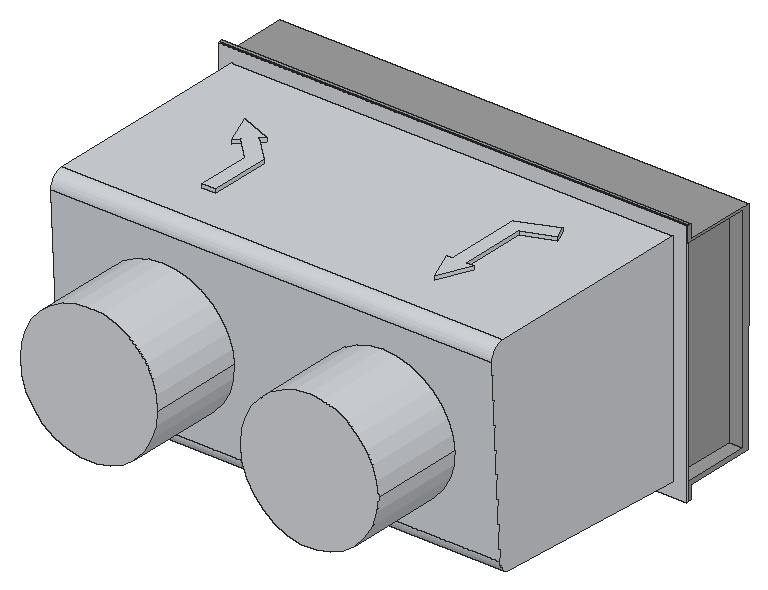
Revit family "DVS-100", category Generic Models, Revit 2019
Family settings
  Can host rebar = No
  Round Connector Dimension = Use Diameter
  Part Type = Normal
  Work Plane-Based = No
  Always vertical = Yes
  Cut with Voids When Loaded = No
  Shared = No
  Room Calculation Point = No
Reference planes (in)
  plane 1 "Center (Front/Back)": y = 0
  plane 2: z = 7.91297
  plane 3 "Center (Left/Right)": x = 0
Forms (in)
  Extrusion 1, solid
    sketch origin (0, 0, 0) x (0, 1, 0) y (0, 0, 1)
      loop
        line (0, 0) -> (0, 8) -> (-7.76688, 8)
        arc (-7.76688, 8) -> (-8.12956, 7.84418) -> (-8.26619, 7.47383) r 0.5
        line (-8.26619, 7.47383) -> (-7.91975, 0.86341)
        arc (-7.91975, 0.86341) -> (-7.77399, 0.53602) -> (-7.44661, 0.39026) r 0.5
        line (-7.44661, 0.39026) -> (0, 0)
    from -8 to 8
  Extrusion 2, solid
    sketch origin (0, 0, 0) x (1, 0, 0) y (0, 0, 1)
      loop
        line (8.5, 8.5) -> (-8.5, 8.5) -> (-8.5, -0.5) -> (8.5, -0.5) -> (8.5, 8.5)
    from 0 to 0.05
  Extrusion 3, solid
    sketch origin (0, 0, 0) x (1, 0, 0) y (0, 0, 1)
      loop
        circle (4, 4) r 2.5
      loop
        circle (-4, 4) r 2.5
    from 0 to 11.54201
  Extrusion 4, void
    sketch origin (0, 0, 0) x (1, 0, 0) y (0, 0, 1)
      loop
        line (-7.63966, 7.66297) -> (-7.63966, 0.41297) -> (-1.25, 0.41297) -> (-1.25, 7.66297) -> (-7.63966, 7.66297)
      loop
        line (1.20621, 0.41297) -> (7.70621, 0.41297) -> (7.70621, 7.66297) -> (1.20621, 7.66297) -> (1.20621, 0.41297)
    from 0 to 1.25
  Extrusion 5, solid
    sketch origin (8.75, 0, 7.91297) x (1, 0, 0) y (0, 1, 0)
      loop
        line (-4.69483, -2.40254) -> (-4.69483, -5.11712) -> (-4.91656, -5.11712) -> (-4.44483, -6.25) -> (-3.91656, -5.11712) -> (-4.19483, -5.11712) -> (-4.19483, -2.73566) -> (-3.13708, -2.29522) -> (-3.32918, -1.83389) -> (-4.69483, -2.40254)
    from -0.59126 to 0.21203
  Extrusion 6, solid
    sketch origin (0, 0, 7.91297) x (1, 0, 0) y (0, 1, 0)
      loop
        line (-5.55657, -2.52385) -> (-5.11482, -3.69319) -> (-4.91804, -3.49641) -> (-4.16533, -4.24911) -> (-4.16533, -6.20657) -> (-3.66533, -6.20657) -> (-3.66533, -4.0204) -> (-4.54922, -3.13651) -> (-4.39769, -2.98498) -> (-5.55657, -2.52385)
    from 0 to 0.21203
  Extrusion 7, solid, material "Default"
    sketch origin (0, 0, 0) x (1, 0, 0) y (0, 0, 1)
      loop
        line (8.5, 0.00262) -> (8.5, 8) -> (-8.5, 8) -> (-8.5, 0.00262) -> (8.5, 0.00262)
    from 0 to -2.75
  Extrusion 8, solid, material "Default"
    sketch origin (0, 0, 0) x (1, 0, 0) y (0, 0, 1)
      loop
        line (8.5, 8.5) -> (-8.5, 8.5) -> (-8.5, -0.5) -> (8.5, -0.5) -> (8.5, 8.5)
    from 0 to -0.125
  Extrusion 9, void
    sketch origin (0, 0, 0) x (0, 1, 0) y (0, 0, 1)
      loop
        line (2.5, 7.91297) -> (0, 7.91297) -> (0, 0.16297) -> (2.5, 0.16297) -> (2.5, 7.91297)
    from -9.29407 to -8
  Extrusion 10, void
    sketch origin (8.5, 0, 7.66297) x (0, 0, 1) y (0, 1, 0)
      loop
        line (0.25, 0) -> (0.25, 2.5) -> (-7.5, 2.5) -> (-7.5, 0) -> (0.25, 0)
    from 0 to 0.5
Cuts and joins
  Extrusion 4, Extrusion 9, Extrusion 10 cuts Extrusion 1
  Extrusion 4, Extrusion 9, Extrusion 10 cuts Extrusion 2
  Extrusion 4, Extrusion 9, Extrusion 10 cuts Extrusion 3
  Extrusion 9, Extrusion 10 cuts Extrusion 5
  Extrusion 9, Extrusion 10 cuts Extrusion 6
  joined: Extrusion 1, Extrusion 2, Extrusion 3, Extrusion 5, Extrusion 6
  Extrusion 9, Extrusion 10 cuts Extrusion 7
  Extrusion 9, Extrusion 10 cuts Extrusion 8
  joined: Extrusion 7, Extrusion 8
Lines and regions (in)
  model lines
    curve 1: line (-5.55657, -2.52385, 7.91297) -> (-5.11482, -3.69319, 7.91297)
    curve 2: line (-5.11482, -3.69319, 7.91297) -> (-4.92045, -3.49405, 7.91297)
    curve 3: line (-4.41634, -2.97756, 7.91297) -> (-5.55657, -2.52385, 7.91297)
    curve 4: line (-4.57122, -3.13623, 7.91297) -> (-3.66533, -4.0204, 7.91297)
    curve 5: line (-4.16533, -4.23106, 7.91297) -> (-4.92045, -3.49405, 7.91297)
    curve 6: line (-4.57122, -3.13623, 7.91297) -> (-4.41634, -2.97756, 7.91297)
    curve 7: line (-4.16533, -4.23106, 7.91297) -> (-4.16533, -6.20657, 7.91297)
    curve 8: line (-4.16533, -6.20657, 7.91297) -> (-3.66533, -6.20657, 7.91297)
    curve 9: line (-3.66533, -6.20657, 7.91297) -> (-3.66533, -4.0204, 7.91297)
    curve 10: line (7.35833, 2.75, 3.37575) -> (4.85833, 2.75, 3.37575)
    curve 11: line (4.85833, 2.75, 3.37575) -> (4.85833, 2.75, 3.12575)
    curve 12: line (4.85833, 2.75, 3.12575) -> (3.34279, 2.75, 4.00075)
    curve 13: line (3.34279, 2.75, 4.00075) -> (4.85833, 2.75, 4.70746)
    curve 14: line (4.85833, 2.75, 4.70746) -> (4.85833, 2.75, 4.45746)
    curve 15: line (4.85833, 2.75, 4.45746) -> (7.35833, 2.75, 4.45746)
    curve 16: line (7.35833, 2.75, 4.45746) -> (7.35833, 2.75, 3.37575)
    curve 17: line (-2.39167, 2.75, 3.37575) -> (-4.89167, 2.75, 3.37575)
    curve 18: line (-4.89167, 2.75, 3.37575) -> (-4.89167, 2.75, 3.12575)
    curve 19: line (-4.89167, 2.75, 3.12575) -> (-6.40721, 2.75, 4.00075)
    curve 20: line (-6.40721, 2.75, 4.00075) -> (-4.89167, 2.75, 4.70746)
    curve 21: line (-4.89167, 2.75, 4.70746) -> (-4.89167, 2.75, 4.45746)
    curve 22: line (-4.89167, 2.75, 4.45746) -> (-2.39167, 2.75, 4.45746)
    curve 23: line (-2.39167, 2.75, 4.45746) -> (-2.39167, 2.75, 3.37575)
Dimensions and locks (in)
  cut or joined group 1 (Extrusion 1, Extrusion 2, Extrusion 3, Extrusion 4, Extrusion 5, Extrusion 6, Extrusion 9, Extrusion 10) to cut or joined group 1 = 8.84587"
  Extrusion 1 sketch curve to Extrusion 1 sketch curve = 8.26619"
  aligned and locked: level to plane 2
Connectors (in)
  hvac at (4, -11.54201, 4)
    settings: on cut or joined group 1, index 1, duct flow 0.0 L/s, flow factor 0, pres drop 0.0 Pa, loss coef 0, conn angle 0.00°, conn width 304.8 mm, conn height 304.8 mm, conn diameter 127 mm, duct sys type 3, conn prof type 0, flow config 0, flow direction 2, loss method 0, conn ref index -1, conn util no, is conn primary yes, conn desc ""
  hvac at (-4, -11.54201, 4)
    settings: on cut or joined group 1, index 2, duct flow 0.0 L/s, flow factor 0, pres drop 0.0 Pa, loss coef 0, conn angle 0.00°, conn width 304.8 mm, conn height 304.8 mm, conn diameter 127 mm, duct sys type 3, conn prof type 0, flow config 0, flow direction 1, loss method 0, conn ref index -1, conn util no, is conn primary no, conn desc ""
